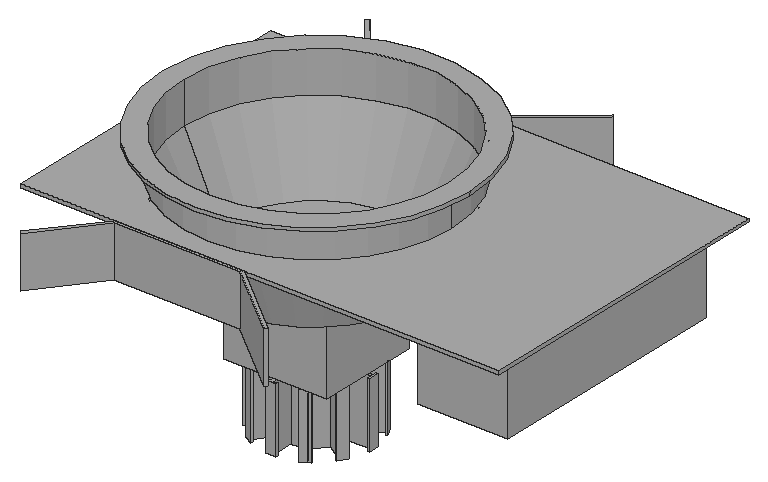
Revit family "LF8ML", category Lighting Fixtures, host Face, Revit 2014
Parameters (values of type "LF8SL")
  Width = 12.625"
  Wattage Comments = "14W"
  Wattage = 9.2903 W
  built-in parameter 1150110 = 1 (stored number, unit not read)
  Voltage = 120 V
  URL = "https://www.hubbell.com/hubbellhealthcaresolutions/en"
  built-in parameter 1114217 = 1 (stored number, unit not read)
  Tilt Angle = 60.00°
  built-in parameter 1150109 = 1 (stored number, unit not read)
  built-in parameter 1150134 = 3
  built-in parameter 1150113 = 1 (stored number, unit not read)
  Product Page URL = "https://www.hubbell.com/hubbellhealthcaresolutions/en/Products/Lighting-Controls/Commercial-Indoor-Lighting/Recessed-Downlights/LF8/p/2200695"
  Product Material = Steel
  Product Documentation Link = "https://hubbellcdn.com/specsheet/HHS_LF8ML_LENS_SPEC_17.pdf"
  Power Factor = 0.9
  Photometric Web File = "generic"
  Number of Poles = 1
  built-in parameter 1150142 = (empty or 0)
  Model = "LF8ML"  # constant formula
  Manufacturer = "Hubbell Healthcare Solutions"  # constant formula
  built-in parameter 1150105 = 109.82 (stored number, unit not read)
  Lumens = 1380 lm
  built-in parameter 1150115 = 1 (stored number, unit not read)
  Load Classification = Lighting
  built-in parameter 1150137 = (empty or 0)
  built-in parameter 1150139 = (empty or 0)
  Length = 14.000"
  built-in parameter 1150112 = 1 (stored number, unit not read)
  built-in parameter 1150114 = 1 (stored number, unit not read)
  Lamp = "1"
  built-in parameter 1150132 = (empty or 0)
  built-in parameter 1150102 = (empty or 0)
  built-in parameter 1150107 = 3200 (stored number, unit not read)
  built-in parameter 1150138 = (empty or 0)
  built-in parameter 1150106 = 1.0982 (stored number, unit not read)
  Height = 7.750"
  Glass = Glass
  Features = "Light Engine utilizes Philips Fortimo LED module and provides controlled color consistency\r\nUniversal 120-277V high efficiency LED driver with 0-10V dimming standard\r\n1100, 1500, 2000, and 3000 lumen modules\r\nPhotometrics tested per IESNA-LM-79-2008 standards\r\nMinimum 50,000 hours at 70% lumen maintenance\r\n5-year warranty\r\nClear or Diffuse regressed lens option available with multiple colors and trim options.\r\nSpectraSync™ Color Tuning Technology available\r\nNX Distributed Intelligence™ wired and wireless controls capability available"  # constant formula
  Emit from Circle Diameter = 24.000"
  Emit Shape Visible in Rendering = no
  built-in parameter 1150104 = 13.8 (stored number, unit not read)
  Dimming Lamp Color Temperature Shift = <None>
  Description = "Designed for optimal life and lumen maintenance, the LF8 is a 8 architectural LED downlight with color consistency from fixture to fixture."  # constant formula
  Default Elevation = 48.000"
  Contact us = "https://www.hubbell.com/hubbellhealthcaresolutions/en/contactUs?productId=2200695"
  Color Filter = 16777215
  built-in parameter 1114218 = 1 (stored number, unit not read)
  built-in parameter 1150133 = 10 (stored number, unit not read)
  Application = "Education\r\nHealthcare\r\nHospitality\r\nOffice\r\nLobby\r\nConference Room\r\nWaiting Room\r\nClassroom\r\nAuditorium\r\nGuest Room\r\nDining Area"  # constant formula
  Apparent Load = 39 VA
Reference planes (in)
  plane 1 "Center (Front/Back)": y = 0.03999
  plane 2: z = 0
  plane 3 "Center (Left/Right)": x = -8.24832
  plane 4: y = -6.27251
  plane 5: y = 6.35249
  plane 6: z = -6.625
  plane 7: x = -15.24832
  plane 8: x = -1.24832
  plane 9: y = 4.60249
  plane 10: y = -4.52251
  plane 11: x = -10.24832
  plane 12: y = 3.66499
  plane 13: y = -3.58501
  plane 14: z = 1.125
  plane 15: z = -2.375
  plane 16: z = 1.025
  plane 17: x = -4.37332
  plane 18: x = -1.74832
  plane 19: z = -0.1
  plane 20: z = -4.70944
  plane 21: z = -2.375
  plane 22: z = -2.275
Forms (in)
  Extrusion 1, void
    sketch origin (0, 0, 0) x (1, 0, 0) y (0, 1, 0)
      loop
        line (-13.49832, 4.60199) -> (-13.49832, -4.52201) -> (-3.74832, -4.52201) -> (-3.74832, 4.60199) -> (-13.49832, 4.60199)
    from 0 to -7
  Sweep 2, solid, material "Steel" <- "Product Material"
    path origin (-16.83938, -180, -3.5) x (-1, 0, 0) y (0, -1, 0)
      loop
        circle (-6.59106, -180.03999) r 4.5
    profile origin (-10.24832, -4.46001, -3.5) x (0, 1, 0) y (0, 0, 1)
      loop
        line (0, 4.625) -> (0, 4.525) -> (0.525, 4.525) -> (0.525, 3.37783) -> (1.57551, 1.125) -> (1.68585, 1.125) -> (0.625, 3.4) -> (0.625, 4.625) -> (0, 4.625)
  Extrusion 3, solid, material "Steel" <- "Product Material"
    sketch origin (-16.83938, -180, -3.5) x (-1, 0, 0) y (0, -1, 0)
      loop
        circle (-6.59106, -180.03999) r 1
    from -3.125 to -1.20944
  Extrusion 4, solid, material "Steel" <- "Product Material"
    sketch origin (-16.83938, -180, -3.5) x (-1, 0, 0) y (0, -1, 0)
      loop
        circle (-6.59106, -180.03999) r 2.81415
    from 1.125 to 1.225
  Extrusion 5, solid, material "Steel" <- "Product Material"
    sketch origin (0, 0.03999, 0) x (1, 0, 0) y (0, 0, 1)
      loop
        line (-4.37332, -0.1) -> (-4.37332, -2.375) -> (-1.74832, -2.375) -> (-1.74832, -0.1) -> (-4.37332, -0.1)
    from -3.625 to 3.625
  Sweep 6, solid, material "Steel" <- "Product Material"
    path origin (0.25978, 0, -1.125) x (0, 1, 0) y (0, 0, 1)
      loop
        line (0.03999, -3.58444) -> (0.03999, -5.5)
    profile origin (0.25978, 0.03999, -5.66722) x (1, 0, 0) y (0, 1, 0)
      loop
        line (-10.45811, 0.99875) -> (-10.45811, 1.62007) -> (-10.35811, 1.62007) -> (-10.35811, 1.67007) -> (-10.65811, 1.67007) -> (-10.65811, 1.62007) -> (-10.55811, 1.62007) -> (-10.55811, 0.99875)
        arc (-10.55811, 0.99875) -> (-10.50811, 1) -> (-10.45811, 0.99875) r 1
  Sweep 7, solid, material "Steel" <- "Product Material"
    path origin (-16.83938, -180, -3.5) x (-1, 0, 0) y (0, -1, 0)
      loop
        line (-2.96606, -186.35249) -> (-4.34106, -184.60249) -> (-8.09881, -184.60249) -> (-10.21606, -186.35249)
    profile origin (-10.61945, 4.60249, -3.5) x (0, 1, 0) y (0, 0, 1)
      loop
        line (0, 3.5) -> (0, 2) -> (0.1, 2) -> (0.1, 3.5) -> (0, 3.5)
  Extrusion 8, solid, material "Steel" <- "Product Material"
    sketch origin (-16.83938, -180, -3.5) x (-1, 0, 0) y (0, -1, 0)
      loop
        line (-1.59106, -184.60249) -> (-1.59106, -175.47749) -> (-15.59106, -175.47749) -> (-15.59106, -184.60249) -> (-1.59106, -184.60249)
      loop
        circle (-6.59106, -180.03999) r 3.975
    from 3.4 to 3.5
  Sweep 9, solid, material "Steel" <- "Product Material"
    path origin (-16.83938, 180.07998, -3.5) x (-1, 0, 0) y (0, -1, 0)
      loop
        line (-2.96606, 186.35249) -> (-4.34106, 184.60249) -> (-8.09881, 184.60249) -> (-10.21606, 186.35249)
    profile origin (-10.61945, -4.52251, -3.5) x (0, 1, 0) y (0, 0, 1)
      loop
        line (0, 3.5) -> (-0.1, 3.5) -> (-0.1, 2) -> (0, 2) -> (0, 3.5)
  Extrusion 10, solid, material "Steel" <- "Product Material"
    sketch origin (-16.83938, -180, -3.5) x (-1, 0, 0) y (0, -1, 0)
      loop
        line (-5.09106, -181.53999) -> (-5.09106, -178.53999) -> (-8.09106, -178.53999) -> (-8.09106, -181.53999) -> (-5.09106, -181.53999)
    from -1.20944 to 1.125
  Sweep 11, solid, material "Steel" <- "Product Material"
    path origin (-1.16803, -5.24869, -1.125) x (0.5, 0.866025, 0) y (0, 0, 1)
      loop
        line (0.03999, -3.58444) -> (0.03999, -5.5)
    profile origin (-1.14804, -5.21406, -5.66722) x (0.866025, -0.5, 0) y (0.5, 0.866025, 0)
      loop
        line (-10.45811, 0.99875) -> (-10.45811, 1.62007) -> (-10.35811, 1.62007) -> (-10.35811, 1.67007) -> (-10.65811, 1.67007) -> (-10.65811, 1.62007) -> (-10.55811, 1.62007) -> (-10.55811, 0.99875)
        arc (-10.55811, 0.99875) -> (-10.50811, 1) -> (-10.45811, 0.99875) r 1
  Sweep 12, solid, material "Steel" <- "Product Material"
    path origin (-5.02891, -9.08029, -1.125) x (0.866025, 0.5, 0) y (0, 0, 1)
      loop
        line (0.03999, -3.58444) -> (0.03999, -5.5)
    profile origin (-4.99427, -9.06029, -5.66722) x (0.5, -0.866025, 0) y (0.866025, 0.5, 0)
      loop
        line (-10.45811, 0.99875) -> (-10.45811, 1.62007) -> (-10.35811, 1.62007) -> (-10.35811, 1.67007) -> (-10.65811, 1.67007) -> (-10.65811, 1.62007) -> (-10.55811, 1.62007) -> (-10.55811, 0.99875)
        arc (-10.55811, 0.99875) -> (-10.50811, 1) -> (-10.45811, 0.99875) r 1
  Sweep 13, solid, material "Steel" <- "Product Material"
    path origin (-10.28832, -10.46811, -1.125) x (1, 0, 0) y (0, 0, 1)
      loop
        line (0.03999, -3.58444) -> (0.03999, -5.5)
    profile origin (-10.24832, -10.46811, -5.66722) x (0, -1, 0) y (1, 0, 0)
      loop
        line (-10.45811, 0.99875) -> (-10.45811, 1.62007) -> (-10.35811, 1.62007) -> (-10.35811, 1.67007) -> (-10.65811, 1.67007) -> (-10.65811, 1.62007) -> (-10.55811, 1.62007) -> (-10.55811, 0.99875)
        arc (-10.55811, 0.99875) -> (-10.50811, 1) -> (-10.45811, 0.99875) r 1
  Sweep 14, solid, material "Steel" <- "Product Material"
    path origin (-15.53701, -9.0403, -1.125) x (0.866025, -0.5, 0) y (0, 0, 1)
      loop
        line (0.03999, -3.58444) -> (0.03999, -5.5)
    profile origin (-15.50238, -9.06029, -5.66722) x (-0.5, -0.866025, 0) y (0.866025, -0.5, 0)
      loop
        line (-10.45811, 0.99875) -> (-10.45811, 1.62007) -> (-10.35811, 1.62007) -> (-10.35811, 1.67007) -> (-10.65811, 1.67007) -> (-10.65811, 1.62007) -> (-10.55811, 1.62007) -> (-10.55811, 0.99875)
        arc (-10.55811, 0.99875) -> (-10.50811, 1) -> (-10.45811, 0.99875) r 1
  Sweep 15, solid, material "Steel" <- "Product Material"
    path origin (-19.36861, -5.17943, -1.125) x (0.5, -0.866025, 0) y (0, 0, 1)
      loop
        line (0.03999, -3.58444) -> (0.03999, -5.5)
    profile origin (-19.34861, -5.21406, -5.66722) x (-0.866025, -0.5, 0) y (0.5, -0.866025, 0)
      loop
        line (-10.45811, 0.99875) -> (-10.45811, 1.62007) -> (-10.35811, 1.62007) -> (-10.35811, 1.67007) -> (-10.65811, 1.67007) -> (-10.65811, 1.62007) -> (-10.55811, 1.62007) -> (-10.55811, 0.99875)
        arc (-10.55811, 0.99875) -> (-10.50811, 1) -> (-10.45811, 0.99875) r 1
  Sweep 16, solid, material "Steel" <- "Product Material"
    path origin (-20.75643, 0.07998, -1.125) x (0, -1, 0) y (0, 0, 1)
      loop
        line (0.03999, -3.58444) -> (0.03999, -5.5)
    profile origin (-20.75643, 0.03999, -5.66722) x (-1, 0, 0) y (0, -1, 0)
      loop
        line (-10.45811, 0.99875) -> (-10.45811, 1.62007) -> (-10.35811, 1.62007) -> (-10.35811, 1.67007) -> (-10.65811, 1.67007) -> (-10.65811, 1.62007) -> (-10.55811, 1.62007) -> (-10.55811, 0.99875)
        arc (-10.55811, 0.99875) -> (-10.50811, 1) -> (-10.45811, 0.99875) r 1
  Sweep 17, solid, material "Steel" <- "Product Material"
    path origin (-19.32862, 5.32868, -1.125) x (-0.5, -0.866025, 0) y (0, 0, 1)
      loop
        line (0.03999, -3.58444) -> (0.03999, -5.5)
    profile origin (-19.34861, 5.29404, -5.66722) x (-0.866025, 0.5, 0) y (-0.5, -0.866025, 0)
      loop
        line (-10.45811, 0.99875) -> (-10.45811, 1.62007) -> (-10.35811, 1.62007) -> (-10.35811, 1.67007) -> (-10.65811, 1.67007) -> (-10.65811, 1.62007) -> (-10.55811, 1.62007) -> (-10.55811, 0.99875)
        arc (-10.55811, 0.99875) -> (-10.50811, 1) -> (-10.45811, 0.99875) r 1
  Sweep 18, solid, material "Steel" <- "Product Material"
    path origin (-15.46774, 9.16027, -1.125) x (-0.866025, -0.5, 0) y (0, 0, 1)
      loop
        line (0.03999, -3.58444) -> (0.03999, -5.5)
    profile origin (-15.50238, 9.14028, -5.66722) x (-0.5, 0.866025, 0) y (-0.866025, -0.5, 0)
      loop
        line (-10.45811, 0.99875) -> (-10.45811, 1.62007) -> (-10.35811, 1.62007) -> (-10.35811, 1.67007) -> (-10.65811, 1.67007) -> (-10.65811, 1.62007) -> (-10.55811, 1.62007) -> (-10.55811, 0.99875)
        arc (-10.55811, 0.99875) -> (-10.50811, 1) -> (-10.45811, 0.99875) r 1
  Sweep 19, solid, material "Steel" <- "Product Material"
    path origin (-10.20833, 10.5481, -1.125) x (-1, 0, 0) y (0, 0, 1)
      loop
        line (0.03999, -3.58444) -> (0.03999, -5.5)
    profile origin (-10.24832, 10.5481, -5.66722) x (0, 1, 0) y (-1, 0, 0)
      loop
        line (-10.45811, 0.99875) -> (-10.45811, 1.62007) -> (-10.35811, 1.62007) -> (-10.35811, 1.67007) -> (-10.65811, 1.67007) -> (-10.65811, 1.62007) -> (-10.55811, 1.62007) -> (-10.55811, 0.99875)
        arc (-10.55811, 0.99875) -> (-10.50811, 1) -> (-10.45811, 0.99875) r 1
  Sweep 20, solid, material "Steel" <- "Product Material"
    path origin (-4.95964, 9.12028, -1.125) x (-0.866025, 0.5, 0) y (0, 0, 1)
      loop
        line (0.03999, -3.58444) -> (0.03999, -5.5)
    profile origin (-4.99427, 9.14028, -5.66722) x (0.5, 0.866025, 0) y (-0.866025, 0.5, 0)
      loop
        line (-10.45811, 0.99875) -> (-10.45811, 1.62007) -> (-10.35811, 1.62007) -> (-10.35811, 1.67007) -> (-10.65811, 1.67007) -> (-10.65811, 1.62007) -> (-10.55811, 1.62007) -> (-10.55811, 0.99875)
        arc (-10.55811, 0.99875) -> (-10.50811, 1) -> (-10.45811, 0.99875) r 1
  Sweep 21, solid, material "Steel" <- "Product Material"
    path origin (-1.12804, 5.25941, -1.125) x (-0.5, 0.866025, 0) y (0, 0, 1)
      loop
        line (0.03999, -3.58444) -> (0.03999, -5.5)
    profile origin (-1.14804, 5.29404, -5.66722) x (0.866025, 0.5, 0) y (-0.5, 0.866025, 0)
      loop
        line (-10.45811, 0.99875) -> (-10.45811, 1.62007) -> (-10.35811, 1.62007) -> (-10.35811, 1.67007) -> (-10.65811, 1.67007) -> (-10.65811, 1.62007) -> (-10.55811, 1.62007) -> (-10.55811, 0.99875)
        arc (-10.55811, 0.99875) -> (-10.50811, 1) -> (-10.45811, 0.99875) r 1
Dimensions and locks (in)
  equal spacing: plane 5, plane 1 "Center (Front/Back)", plane 4
  "Width": plane 5 to plane 4
  equal spacing: plane 7, plane 3 "Center (Left/Right)", plane 8
  "Length": plane 7 to plane 8
  equal spacing: plane 9, plane 1 "Center (Front/Back)", plane 10
  locked: plane 9 to plane 10 at 9.125
  locked: plane 7 to plane 11 at 5
  equal spacing: plane 12, plane 1 "Center (Front/Back)", plane 13
  plane 1 "Center (Front/Back)" to plane 12 = 3.625"
  plane 14 to plane 2 = 1.125"
  "Height": plane 14 to plane 6
  plane 18 to plane 8 = 0.500"
  equal spacing: Extrusion 10 sketch curve, plane 1 "Center (Front/Back)", Extrusion 10 sketch curve
  equal spacing: Extrusion 10 sketch curve, plane 11, Extrusion 10 sketch curve
  Extrusion 10 sketch curve to plane 11 = 1.500"
  plane 1 "Center (Front/Back)" to Extrusion 10 sketch curve = 1.500"
  radius of radial array = 1.33441"
  aligned and locked: plane 2 to host face
  aligned and locked: level to host face
  aligned and locked: Sweep 2 sketch curve to plane 14
  aligned and locked: Extrusion 3 to plane 6
  aligned and locked: Extrusion 5 to plane 18
  aligned and locked: plane 17 to Extrusion 5
  aligned and locked: plane 12 to Extrusion 5
  aligned and locked: Extrusion 5 to plane 13
  aligned and locked: Sweep 7 sketch curve to level
  aligned and locked: Sweep 7 sketch curve to profile plane
  aligned and locked: Extrusion 8 sketch curve to plane 9
  aligned and locked: plane 7 to Extrusion 8 sketch curve
  aligned and locked: plane 10 to Extrusion 8 sketch curve
  aligned and locked: Extrusion 8 sketch curve to plane 8
  aligned and locked: level to Extrusion 8
  aligned and locked: Extrusion 8 to plane 19
  aligned and locked: plane 19 to Extrusion 5
  aligned and locked: Sweep 7 sketch curve to plane 9
  aligned and locked: Sweep 9 sketch curve to profile plane
  aligned and locked: Sweep 9 sketch curve to plane 10
  aligned and locked: Extrusion 8 sketch curve to Sweep 2  (x2)
  aligned and locked: Extrusion 4 sketch curve to Sweep 2  (x2)
  aligned and locked: Extrusion 10 to plane 20
  aligned and locked: Sweep 2 to Extrusion 10
  aligned and locked: plane 20 to Extrusion 3
  aligned and locked: plane 22 to Extrusion 4
Automatic sketch dimensions
  host sketch curve to host sketch curve = 96.000"  (x2)
  plane 10 to Extrusion 1 sketch curve = 0.0005"
  Extrusion 1 sketch curve to plane 17 = 0.625"
  Extrusion 1 sketch curve to plane 9 = 0.0005"
  plane 1 "Center (Front/Back)" to Extrusion 3 sketch curve = 0.000"
  Extrusion 3 sketch curve to plane 11 = 0.000"
  Extrusion 5 sketch curve to plane 15 = 0.000"
  plane 17 to Extrusion 5 sketch curve = 0.000"
  plane 18 to Extrusion 5 sketch curve = 0.000"
  Extrusion 5 sketch curve to plane 19 = 0.000"
  Sweep 7 sketch curve to plane 5 = 0.000"  (x2)
  Sweep 7 sketch curve to plane 3 "Center (Left/Right)" = 0.49225"
  Sweep 9 sketch curve to plane 4 = 0.000"  (x2)
  Sweep 9 sketch curve to plane 3 "Center (Left/Right)" = 0.49225"
  profile plane to Sweep 9 sketch curve = 0.100"
  profile plane to Sweep 9 sketch curve = 2.000"
  Sweep 9 sketch curve to Sweep 9 sketch curve = 1.500"
  Sweep 7 sketch curve to profile plane = 0.100"
  Sweep 7 sketch curve to Sweep 7 sketch curve = 1.500"
  plane 1 "Center (Front/Back)" to Sweep 2 sketch curve = 0.000"
  Sweep 2 sketch curve to plane 11 = 0.000"
  Sweep 2 sketch curve to profile plane = 0.000"
  Sweep 2 sketch curve to profile plane = 0.525"
  Sweep 2 sketch curve to Sweep 2 sketch curve = 0.100"  (x2)
  Sweep 2 sketch curve to Sweep 2 sketch curve = 0.11034"
  Sweep 2 sketch curve to Sweep 2 sketch curve = 1.125"
  Sweep 2 sketch curve to Sweep 2 sketch curve = 0.02217"
  profile plane to Sweep 2 sketch curve = 1.125"
  Sweep 2 sketch curve to profile plane = 1.57551"
  profile plane to Sweep 6 sketch curve = 0.000"
  Sweep 6 sketch curve to profile plane = 1.62007"
  Sweep 6 sketch curve to profile plane = 10.65811"
  Sweep 6 sketch curve to Sweep 6 sketch curve = 0.100"  (x3)
  Sweep 6 sketch curve to Sweep 6 sketch curve = 0.050"  (x2)
  Sweep 6 sketch curve to Sweep 6 sketch curve = 0.62132"
  Sweep 6 sketch curve to Sweep 6 sketch curve = 0.000"
  Sweep 6 sketch curve to Sweep 6 sketch curve = 1.91556"
  profile plane to Sweep 11 sketch curve = 0.000"
  Sweep 11 sketch curve to profile plane = 1.62007"
  Sweep 11 sketch curve to profile plane = 10.65811"
  Sweep 11 sketch curve to Sweep 11 sketch curve = 0.100"  (x3)
  Sweep 11 sketch curve to Sweep 11 sketch curve = 0.050"  (x2)
  Sweep 11 sketch curve to Sweep 11 sketch curve = 0.62132"
  Sweep 11 sketch curve to Sweep 11 sketch curve = 0.000"
  Sweep 11 sketch curve to Sweep 11 sketch curve = 1.91556"
  profile plane to Sweep 12 sketch curve = 0.000"
  Sweep 12 sketch curve to profile plane = 1.62007"
  Sweep 12 sketch curve to profile plane = 10.65811"
  Sweep 12 sketch curve to Sweep 12 sketch curve = 0.100"  (x3)
  Sweep 12 sketch curve to Sweep 12 sketch curve = 0.050"  (x2)
  Sweep 12 sketch curve to Sweep 12 sketch curve = 0.62132"
  Sweep 12 sketch curve to Sweep 12 sketch curve = 0.000"
  Sweep 12 sketch curve to Sweep 12 sketch curve = 1.91556"
  profile plane to Sweep 13 sketch curve = 0.000"
  Sweep 13 sketch curve to profile plane = 1.62007"
  Sweep 13 sketch curve to profile plane = 10.65811"
  Sweep 13 sketch curve to Sweep 13 sketch curve = 0.100"  (x3)
  Sweep 13 sketch curve to Sweep 13 sketch curve = 0.050"  (x2)
  Sweep 13 sketch curve to Sweep 13 sketch curve = 0.62132"
  Sweep 13 sketch curve to Sweep 13 sketch curve = 0.000"
  Sweep 13 sketch curve to Sweep 13 sketch curve = 1.91556"
  profile plane to Sweep 14 sketch curve = 0.000"
  Sweep 14 sketch curve to profile plane = 1.62007"
  Sweep 14 sketch curve to profile plane = 10.65811"
  Sweep 14 sketch curve to Sweep 14 sketch curve = 0.100"  (x3)
  Sweep 14 sketch curve to Sweep 14 sketch curve = 0.050"  (x2)
  Sweep 14 sketch curve to Sweep 14 sketch curve = 0.62132"
  Sweep 14 sketch curve to Sweep 14 sketch curve = 0.000"
  Sweep 14 sketch curve to Sweep 14 sketch curve = 1.91556"
  profile plane to Sweep 15 sketch curve = 0.000"
  Sweep 15 sketch curve to profile plane = 1.62007"
  Sweep 15 sketch curve to profile plane = 10.65811"
  Sweep 15 sketch curve to Sweep 15 sketch curve = 0.100"  (x3)
  Sweep 15 sketch curve to Sweep 15 sketch curve = 0.050"  (x2)
  Sweep 15 sketch curve to Sweep 15 sketch curve = 0.62132"
  Sweep 15 sketch curve to Sweep 15 sketch curve = 0.000"
  Sweep 15 sketch curve to Sweep 15 sketch curve = 1.91556"
  profile plane to Sweep 16 sketch curve = 0.000"
  Sweep 16 sketch curve to profile plane = 1.62007"
  Sweep 16 sketch curve to profile plane = 10.65811"
  Sweep 16 sketch curve to Sweep 16 sketch curve = 0.100"  (x3)
  Sweep 16 sketch curve to Sweep 16 sketch curve = 0.050"  (x2)
  Sweep 16 sketch curve to Sweep 16 sketch curve = 0.62132"
  Sweep 16 sketch curve to Sweep 16 sketch curve = 0.000"
  Sweep 16 sketch curve to Sweep 16 sketch curve = 1.91556"
  profile plane to Sweep 17 sketch curve = 0.000"
  Sweep 17 sketch curve to profile plane = 1.62007"
  Sweep 17 sketch curve to profile plane = 10.65811"
  Sweep 17 sketch curve to Sweep 17 sketch curve = 0.100"  (x3)
  Sweep 17 sketch curve to Sweep 17 sketch curve = 0.050"  (x2)
  Sweep 17 sketch curve to Sweep 17 sketch curve = 0.62132"
  Sweep 17 sketch curve to Sweep 17 sketch curve = 0.000"
  Sweep 17 sketch curve to Sweep 17 sketch curve = 1.91556"
  profile plane to Sweep 18 sketch curve = 0.000"
  Sweep 18 sketch curve to profile plane = 1.62007"
  Sweep 18 sketch curve to profile plane = 10.65811"
  Sweep 18 sketch curve to Sweep 18 sketch curve = 0.100"  (x3)
  Sweep 18 sketch curve to Sweep 18 sketch curve = 0.050"  (x2)
  Sweep 18 sketch curve to Sweep 18 sketch curve = 0.62132"
  Sweep 18 sketch curve to Sweep 18 sketch curve = 0.000"
  Sweep 18 sketch curve to Sweep 18 sketch curve = 1.91556"
  profile plane to Sweep 19 sketch curve = 0.000"
  Sweep 19 sketch curve to profile plane = 1.62007"
  Sweep 19 sketch curve to profile plane = 10.65811"
  Sweep 19 sketch curve to Sweep 19 sketch curve = 0.100"  (x3)
  Sweep 19 sketch curve to Sweep 19 sketch curve = 0.050"  (x2)
  Sweep 19 sketch curve to Sweep 19 sketch curve = 0.62132"
  Sweep 19 sketch curve to Sweep 19 sketch curve = 0.000"
  Sweep 19 sketch curve to Sweep 19 sketch curve = 1.91556"
  profile plane to Sweep 20 sketch curve = 0.000"
  Sweep 20 sketch curve to profile plane = 1.62007"
  Sweep 20 sketch curve to profile plane = 10.65811"
  Sweep 20 sketch curve to Sweep 20 sketch curve = 0.100"  (x3)
  Sweep 20 sketch curve to Sweep 20 sketch curve = 0.050"  (x2)
  Sweep 20 sketch curve to Sweep 20 sketch curve = 0.62132"
  Sweep 20 sketch curve to Sweep 20 sketch curve = 0.000"
  Sweep 20 sketch curve to Sweep 20 sketch curve = 1.91556"
  profile plane to Sweep 21 sketch curve = 0.000"
  Sweep 21 sketch curve to profile plane = 1.62007"
  Sweep 21 sketch curve to profile plane = 10.65811"
  Sweep 21 sketch curve to Sweep 21 sketch curve = 0.100"  (x3)
  Sweep 21 sketch curve to Sweep 21 sketch curve = 0.050"  (x2)
  Sweep 21 sketch curve to Sweep 21 sketch curve = 0.62132"
  Sweep 21 sketch curve to Sweep 21 sketch curve = 0.000"
  Sweep 21 sketch curve to Sweep 21 sketch curve = 1.91556"
  plane 3 "Center (Left/Right)" to Sweep 7 sketch curve = 1.625"
  plane 3 "Center (Left/Right)" to Sweep 9 sketch curve = 1.625"
  plane 7 to Extrusion 1 sketch curve = 1.750"
  Sweep 7 sketch curve to plane 11 = 2.250"
  plane 7 to Sweep 7 sketch curve = 1.375"
  Sweep 9 sketch curve to plane 11 = 2.250"
  plane 7 to Sweep 9 sketch curve = 1.375"
  radius of Extrusion 3 sketch curve = 1.000"
  radius of Sweep 2 sketch curve = 4.500"
Connectors (in)
  electrical at (-3.06082, 0.03999, -2.375), driven by "Power Factor", driven by "Apparent Load", driven by "Voltage", driven by "Number of Poles", driven by "Load Classification", driven by "Apparent Load", driven by "Description"
    settings: on Extrusion 5, index 1, voltage 120 V, apparent load 39 VA, apparent load phase1 39 VA, apparent load phase2 0 VA, apparent load phase3 0 VA, power factor 0.9, load classification "Lighting", number of poles 1, system type 30, power factor state 1, is connector primary yes, connector utility no, sub classification motor no, connector description "Designed for optimal life and lumen maintenance, the LF8 is a 8 architectural LED downlight with color consistency from fixture to fixture."
